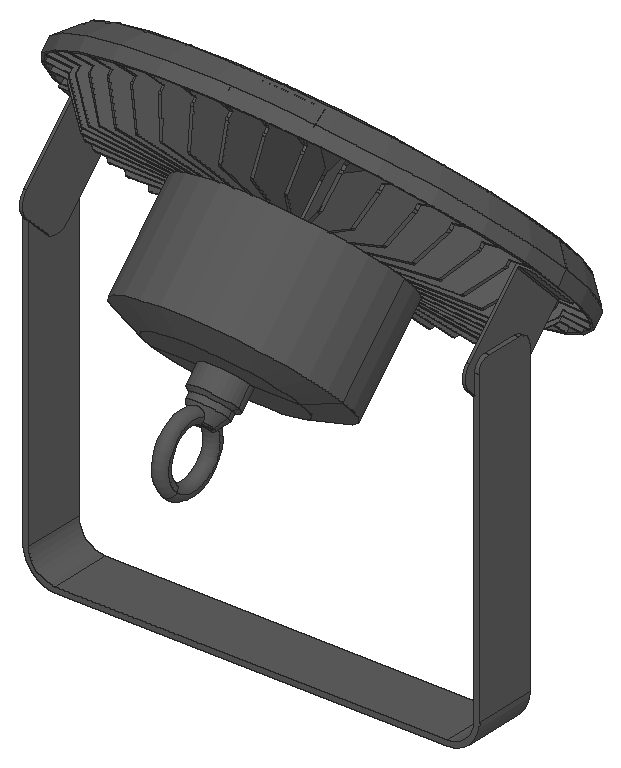
Revit family "0039362+0039353 Sylvania Lighting Fixture START HighBay IP65 DALI 13000lm 840 MB with BRACKET", category Lighting Fixtures, host Face, Revit 2017
Family settings
  Host = Face
  Round Connector Dimension = Use Diameter
  Part Type = Normal
  OmniClass Number = 23.80.70.00
  OmniClass Title = Lighting
  Cut with Voids When Loaded = No
  Light Source = No
  Shared = No
  Room Calculation Point = No
Parameters (values of type "0039362+0039353  START HighBay IP65 DALI 13000lm 840 MB with BRACKET")
  Weight = "3.0 kg"
  Wattage Comments = ""
  WarrantyStartDate [instance] = "n/a"
  WarrantyGuarantorParts = "n/a"
  WarrantyDurationUnit = "n/a"
  WarrantyDurationParts = "n/a"
  WarrantyDescription = "n/a"
  Voltage = 0 V
  URL = "http://www.sylvania-lighting.com"
  TypeName = "START HighBay IP65 DALI 13000lm 840 MB with BRACKET"
  TypeHead_FEILO = Start LED Highbay DALI Head : 0039362+0039353 START HighBay IP65 DALI 13000lm 840 MB with BRACKET
  Type Image = <None>
  Type Comments = "n/a"
  TiltAngle_FEILO [instance] = 45.00°
  ThicknessBracketPlate_FEILO = 3 mm
  SizeBracketS_FEILO = yes
  SizeBracketM_FEILO = no
  SerialNumber [instance] = "n/a"
  RadiusBracketTop_FEILO = 7 mm
  RadiusBendOut_FEILO = if(SizeBracketS_FEILO, 18 mm, if(SizeBracketM_FEILO, 24 mm, 28 mm))  # 18 mm
  RadiusBendIn_FEILO = RadiusBendOut_FEILO - ThicknessBracketPlate_FEILO  # 15 mm
  Material_3_FEILO = none
  PowerFactor = 0.95
  PowerConsumption = "90 W"
  NominalLength = 270 mm
  NominalHeight = 175 mm
  NominalDepth = 270 mm
  Name = "START HighBay IP65 DALI 13000lm 840 MB with BRACKET"
  ModelReference = Name  # "START HighBay IP65 DALI 13000lm 840 MB with BRACKET"
  ModelNumber = "0039362+0039353"
  Model = Name  # "START HighBay IP65 DALI 13000lm 840 MB with BRACKET"
  Material = "aluminium alloy housing, polycarbonate diffuser"
  ManufacturerName = "Feilo Sylvania"
  Manufacturer = "Feilo Sylvania"
  LuminousEfficacy = "130 lm/W"
  LuminaireType = ""
  LightOutputRatio = "n/a"
  LampsType = Lamp  # "LED"
  LampNominalLuminous = "11700 lm"
  LampMacAdamStep = "6"
  LampColourTemperature = "4000 K"
  LampColourRenderingIndex = "80"
  Lamp = "LED"
  Keynote = "16500"
  InstallationDate [instance] = "n/a"
  InputVoltage = "n/a"
  InputNominalFrequency = "50/60 Hz"
  IngressProtection = "IP65"
  ImpactProtectionIndex = "IK08"
  IfcExportType = "IfcLightFixtureType"
  IfcExportAs = "IfcLightFixtureType"
  ExpectedLife = 50000
  EndAngle_FEILO [instance] = TiltAngle_FEILO + 180.00°  # 225.00°
  ElectricShockClassification = "Class I"
  DurationUnit = "hours"
  DocumentationLiterature = "http://www.sylvania-lighting.com/product/en-int/products/0039362"
  DimmingControlOptions = "Dimmable"
  Material_2_FEILO = none
  Description = "START Highbay, includes 1 m cables, black aluminium housing, 11,700 Lm, 90 W, 130 Lm/W, 4000 K, drive current: 2000 mA, CRI 80, 60° beam angle, DALI dimmable, IP65, IK08, 50,000 hrs (L80/B50), (D x H) 270 x 175 mm."
  Default Elevation = 1219.2 mm
  CreatedOn = "5/15/2018"
  CreatedBy = ""
  Cost = 0
  built-in parameter 1114216 [instance] = (empty or 0)
  ClassificationValue = "EF_70_80"
  ClassificationName = "Uniclass2015"
  Material_1_FEILO = Body-Sylvania-StartHighbay-Black
  BracketHeight_FEILO = if(SizeBracketS_FEILO, 199.5 mm, if(SizeBracketM_FEILO, 209.6 mm, 201.3 mm))  # 199.5 mm
  BracketDistanceInner_FEILO = if(SizeBracketS_FEILO, 249.4 mm, if(SizeBracketM_FEILO, 273.6 mm, 313.2 mm))  # 249.4 mm
  BarCode [instance] = "n/a"
  AssetType = "Fixed"
  AssetIdentifier [instance] = "n/a"
  Assembly Code = "D5020200"
  Apparent Load = 90 VA
  Material_4_FEILO = none
Reference planes
  plane 1 "Center (Front/Back)": y = 0
  plane 2: z = 0
  plane 3 "Center (Left/Right)": x = 0
  plane 4: x = -127.7
  plane 5: x = 127.7
  plane 6: z = 199.5
  plane 7: x = -124.7
  plane 8: z = 3
  plane 9: x = 124.7
  plane 10: y = 17.5
  plane 11: y = -17.5
  plane 12: y = -19.5
  plane 13: z = 201.5
  plane 14: y = 19.5
  plane 15: z = 190.5
Forms (mm)
  Extrusion 1, solid, material "Body-Sylvania-StartHighbay-Black" <- "Material_1_FEILO"
    sketch origin (0, 0, 0) x (1, 0, 0) y (0, 0, 1)
      loop
        line (-127.7, 199.5) -> (-127.7, 18)
        arc (-127.7, 18) -> (-122.428, 5.272) -> (-109.7, 0) r 18
        line (-109.7, 0) -> (109.7, 0)
        arc (109.7, 0) -> (122.428, 5.272) -> (127.7, 18) r 18
        line (127.7, 18) -> (127.7, 199.5) -> (124.7, 199.5) -> (124.7, 18)
        arc (124.7, 18) -> (120.307, 7.393) -> (109.7, 3) r 15
        line (109.7, 3) -> (-109.7, 3)
        arc (-109.7, 3) -> (-120.307, 7.393) -> (-124.7, 18) r 15
        line (-124.7, 18) -> (-124.7, 199.5) -> (-127.7, 199.5)
    from -17.5 to 17.5
  Extrusion 2, void
    sketch origin (0, 0, 0) x (0, 1, 0) y (0, 0, 1)
      loop
        arc (10.5, 199.5) -> (15.45, 197.45) -> (17.5, 192.5) r 7
        line (17.5, 192.5) -> (19.5, 192.5) -> (19.5, 201.5) -> (-19.5, 201.5) -> (-19.5, 192.5) -> (-17.5, 192.5)
        arc (-17.5, 192.5) -> (-15.45, 197.45) -> (-10.5, 199.5) r 7
        line (-10.5, 199.5) -> (10.5, 199.5)
    from -127.7 to 127.7
  Revolve 3, solid, not visible
    sketch origin (1223.4, -4572, 190.5) x (0, -1, 0) y (1, 0, 0)
      loop
        line (-4572, -1223.4) -> (-4591.5, -1223.4) -> (-4591.5, -1277.783) -> (-4572, -1277.783) -> (-4572, -1223.4)
      axis (-4572, -1223.4) -> (-4572, -1277.783)
    angle from 45 <- "TiltAngle_FEILO" to 225 <- "EndAngle_FEILO"
Cuts and joins
  Extrusion 2 cuts Extrusion 1
Dimensions and locks
  "BracketHeight_FEILO": plane 6 to plane 2
  equal spacing: plane 11, plane 1 "Center (Front/Back)", plane 10
  locked: plane 11 to plane 10 at 35
  equal spacing: plane 9, plane 3 "Center (Left/Right)", plane 7
  "BracketDistanceInner_FEILO": plane 9 to plane 7
  "ThicknessBracketPlate_FEILO": plane 7 to plane 4
  "ThicknessBracketPlate_FEILO": plane 8 to plane 2
  equal spacing: plane 5, plane 3 "Center (Left/Right)", plane 4
  equal spacing: plane 12, plane 1 "Center (Front/Back)", plane 14
  locked: plane 6 to plane 13 at 2
  locked: plane 12 to plane 11 at 2
  locked: plane 6 to plane 15 at 9
  "RadiusBendOut_FEILO": radius of Extrusion 1 sketch curve  (x2)
  "RadiusBendIn_FEILO": radius of Extrusion 1 sketch curve  (x2)
  "RadiusBracketTop_FEILO": radius of Extrusion 2 sketch curve  (x2)
  aligned and locked: plane 2 to host face
  aligned and locked: level to host face
  aligned and locked: Extrusion 1 sketch curve to plane 4
  aligned and locked: Extrusion 1 sketch curve to level
  aligned and locked: plane 6 to Extrusion 1 sketch curve
  aligned and locked: Extrusion 1 sketch curve to plane 6
  aligned and locked: Extrusion 1 sketch curve to plane 7
  aligned and locked: plane 9 to Extrusion 1 sketch curve
  aligned and locked: plane 8 to Extrusion 1 sketch curve
  aligned and locked: Extrusion 1 to plane 10
  aligned and locked: plane 11 to Extrusion 1
  aligned and locked: Extrusion 1 to Extrusion 2 sketch curve
  aligned and locked: plane 14 to Extrusion 2 sketch curve  (x2)
  aligned and locked: Extrusion 2 sketch curve to plane 12
  aligned and locked: plane 13 to Extrusion 2 sketch curve
  aligned and locked: plane 5 to Extrusion 2
  aligned and locked: Extrusion 2 to plane 4
  aligned and locked: Revolve 3 sketch curve to plane 1 "Center (Front/Back)"
  aligned and locked: Revolve 3 sketch curve to Revolve 3 sketch curve
  aligned and locked: plane 3 "Center (Left/Right)" to Revolve 3 sketch curve
  aligned and locked: Revolve 3 sketch curve to plane 14
  aligned and locked: nested 1 to plane 3 "Center (Left/Right)"
Automatic sketch dimensions
  host sketch curve to host sketch curve = 2438.4 mm  (x2)
  Revolve 3 sketch curve to Revolve 3 sketch curve = 54.383 mm
  Revolve 3 sketch curve to plane 4 = 1396.3 mm
  plane 5 to Revolve 3 sketch curve = 1396.3 mm
  Extrusion 1 sketch curve to Extrusion 1 sketch curve = 0 mm
  Extrusion 2 sketch curve to plane 11 = 0 mm
  Extrusion 2 sketch curve to plane 10 = 0 mm
Nested families
  nested 1: "Start LED Highbay DALI Head" at (0, 0, 190.5) x (-1, 0, 0) z (0, 0.7071, 0.7071), type <- "TypeHead_FEILO", type "0039362+0039353 START HighBay IP65 DALI 13000lm 840 MB with BRACKET"
    with built-in parameter 1114216 (empty or 0)
Connectors
  electrical at (0, 0, 0), driven by "Apparent Load", driven by "PowerFactor", driven by "Voltage"
    settings: index 1, voltage 0 V, apparent load 90 VA, apparent load phase1 0 VA, apparent load phase2 0 VA, apparent load phase3 0 VA, power factor 0.95, load classification "Lighting", number of poles 1, system type 30, power factor state 1, is connector primary yes, connector utility no, sub classification motor no, connector description ""
Definition of nested family "Start LED Highbay DALI Head"
  Parameters (values of type "0039367+0039355+0039361 START HighBay IP65 DALI 26000lm 840 WB with BRACKET and PC LAMPSHADE TRANSPARENT FOR 26KLM")
    X_FEILO = if(SizeS_FEILO, 60.3 mm, if(SizeM_FEILO, 70.4 mm, 83.5 mm))  # 83.5 mm
    WidthStraight_FEILO = if(SizeS_FEILO, 3 mm, if(SizeM_FEILO, 4 mm, 4.7 mm))  # 4.7 mm
    WidthRingChamfer_FEILO = if(SizeS_FEILO, 10.3 mm, if(SizeM_FEILO, 11.2 mm, 12.9 mm))  # 12.9 mm
    WidthCurved_FEILO = if(SizeS_FEILO, 17.4 mm, if(SizeM_FEILO, 16.4 mm, 26.2 mm))  # 26.2 mm
    WidthCurvedRing_FEILO = if(SizeS_FEILO, 3 mm, if(SizeM_FEILO, 4 mm, 4.7 mm))  # 4.7 mm
    WidthBracket_FEILO = 40 mm
    Wattage Comments = ""
    Wattage = 190 W
    built-in parameter 1150110 = 1 (stored number, unit not read)
    URL = "http://www.sylvania-lighting.com"
    Type Image = (empty or 0)
    Type Comments = "n/a"
    built-in parameter 1114217 = 1 (stored number, unit not read)
    Tilt Angle = -90.00°
    ThicknessWall_FEILO = 1.5 mm
    ThicknessBracket_FEILO = 1.5 mm
    ThicknessBracketHalf_FEILO = ThicknessBracket_FEILO / 2  # 0.75 mm
    built-in parameter 1150109 = 1 (stored number, unit not read)
    built-in parameter 1150134 = 1
    built-in parameter 1150113 = 1 (stored number, unit not read)
    SizeS_FEILO = no
    SizeM_FEILO = no
    ShadeThickness_FEILO = 3 mm
    ShadeSizeSM_FEILO = or(SizeS_FEILO, SizeM_FEILO)  # no
    ShadeRadiusOut_FEILO = 205 mm
    ShadeRadiusIn_FEILO = if(ShadeSizeSM_FEILO, 95 mm, 121 mm)  # 121 mm
    ShadeRadiusBend_FEILO = if(ShadeSizeSM_FEILO, 210 mm, 210 mm)  # 210 mm
    ShadeOn_FEILO = yes
    ShadeHeight_FEILO = if(ShadeSizeSM_FEILO, 120 mm, 151 mm)  # 151 mm
    Rib4_FEILO = if(SizeS_FEILO, 18.1 mm, if(SizeM_FEILO, 13.6 mm, 14.6 mm))  # 14.6 mm
    Rib3_FEILO = if(SizeS_FEILO, 15.3 mm, if(SizeM_FEILO, 17.6 mm, 20.2 mm))  # 20.2 mm
    Rib2_FEILO = if(SizeS_FEILO, 3.6 mm, if(SizeM_FEILO, 3.9 mm, 4.5 mm))  # 4.5 mm
    Rib1_FEILO = if(SizeS_FEILO, 15.1 mm, if(SizeM_FEILO, 16.5 mm, 19 mm))  # 19 mm
    RadiusDiffuser_FEILO = if(SizeS_FEILO, 95.2 mm, if(SizeM_FEILO, 105.3 mm, 120 mm))  # 120 mm
    RadiusArrayPost_FEILO = DriverRadius_FEILO - 6 mm  # 70.4 mm
    RHRadius3_FEILO = if(SizeS_FEILO, 6.6 mm, if(SizeM_FEILO, 7.4 mm, 8.6 mm))  # 8.6 mm
    RHRadius2_FEILO = if(SizeS_FEILO, 11 mm, if(SizeM_FEILO, 12 mm, 14 mm))  # 14 mm
    RHRadius1_FEILO = if(SizeS_FEILO, 13.6 mm, if(SizeM_FEILO, 14.9 mm, 17.7 mm))  # 17.7 mm
    RHHeight4_FEILO = if(SizeS_FEILO, 7.3 mm, if(SizeM_FEILO, 8 mm, 9.2 mm))  # 9.2 mm
    RHHeight3_FEILO = if(SizeS_FEILO, 3.6 mm, if(SizeM_FEILO, 3.7 mm, 4.6 mm))  # 4.6 mm
    RHHeight2_FEILO = if(SizeS_FEILO, 2 mm, if(SizeM_FEILO, 2.2 mm, 2.6 mm))  # 2.6 mm
    RHHeight1_FEILO = if(SizeS_FEILO, 11.8 mm, if(SizeM_FEILO, 15.3 mm, 17.4 mm))  # 17.4 mm
    Photometric Web File = "0039367+0039361.ies"
    Material_5_FEILO = none
    Material_3_FEILO = none
    Model = "START HighBay IP65 DALI 26000lm 840 WB with BRACKET and PC LAMPSHADE TRANSPARENT FOR 26KLM"
    Manufacturer = "Feilo Sylvania"
    built-in parameter 1150105 = 33385.3 (stored number, unit not read)
    Lumens = 24700 lm
    built-in parameter 1150115 = 1 (stored number, unit not read)
    built-in parameter 1150137 = (empty or 0)
    built-in parameter 1150139 = (empty or 0)
    built-in parameter 1150112 = 1 (stored number, unit not read)
    built-in parameter 1150114 = 1 (stored number, unit not read)
    Lamp = "LED"
    Keynote = "16500"
    built-in parameter 1150132 = (empty or 0)
    built-in parameter 1150102 = (empty or 0)
    built-in parameter 1150107 = 6500 (stored number, unit not read)
    built-in parameter 1150138 = (empty or 0)
    built-in parameter 1150106 = 333.85 (stored number, unit not read)
    HeightRing_FEILO = if(SizeS_FEILO, 19.8 mm, if(SizeM_FEILO, 32 mm, 36.8 mm))  # 36.8 mm
    HeightRingChamfer_FEILO = if(SizeS_FEILO, 11.7 mm, if(SizeM_FEILO, 23.2 mm, 26.6 mm))  # 26.6 mm
    EyeThickness_FEILO = if(SizeS_FEILO, 8.4 mm, if(SizeM_FEILO, 9.2 mm, 10.5 mm))  # 10.5 mm
    EyeThicknessHalf_FEILO = EyeThickness_FEILO / 2  # 5.25 mm
    EyeInner_FEILO = if(SizeS_FEILO, 13.8 mm, if(SizeM_FEILO, 15.1 mm, 17.3 mm))  # 17.3 mm
    Emit from Circle Diameter = RadiusDiffuser_FEILO * 2  # 240 mm
    Emit Shape Visible in Rendering = no
    built-in parameter 1150104 = 12.077 (stored number, unit not read)
    DriverVerticalStraight_FEILO = if(SizeS_FEILO, 46.5 mm, if(SizeM_FEILO, 49.7 mm, 57 mm))  # 57 mm
    DriverVerticalChamfer_FEILO = if(SizeS_FEILO, 7.5 mm, if(SizeM_FEILO, 8.2 mm, 9.5 mm))  # 9.5 mm
    DriverRadius_FEILO = if(SizeS_FEILO, 61.4 mm, if(SizeM_FEILO, 67.2 mm, 76.4 mm))  # 76.4 mm
    DriverRadiusTop_FEILO = if(SizeS_FEILO, 42 mm, if(SizeM_FEILO, 45.3 mm, 52.4 mm))  # 52.4 mm
    DriverBottom_FEILO = if(SizeS_FEILO, 56 mm, if(SizeM_FEILO, 64.5 mm, 74 mm))  # 74 mm
    Material_2_FEILO = none
    Radius_FEILO = if(SizeS_FEILO, 135 mm, if(SizeM_FEILO, 148 mm, 169.5 mm))  # 169.5 mm
    Dimming Lamp Color Temperature Shift = (empty or 0)
    DiameterWire_FEILO = 3 mm
    DiameterWireSupport_FEILO = 10 mm
    Description = "START Highbay, includes 1 m cables, black aluminium housing, 24,700 Lm, 190 W, 130 Lm/W, 6500 K, drive current: 4100 mA, CRI 80, 90° beam angle, DALI dimmable, IP65, IK08, 50,000 hrs (L80/B50), (D x H) 339 x 189 mm."
    Default Elevation = 1219.2 mm
    Cost = 0
    Color Filter = 16777215
    built-in parameter 1114216 [instance] = (empty or 0)
    Material_1_FEILO = none
    built-in parameter 1114218 = 1 (stored number, unit not read)
    built-in parameter 1150133 = 10 (stored number, unit not read)
    Assembly Code = "D5020200"
    Apparent Load = 190 VA
    Material_4_FEILO = none
  Types (24, lengths in mm): name | X_FEILO | WidthStraight_FEILO | WidthRingChamfer_FEILO | WidthCurved_FEILO | WidthCurvedRing_FEILO | Wattage | built-in parameter 1150134 | SizeS_FEILO | SizeM_FEILO | ShadeSizeSM_FEILO | ShadeRadiusIn_FEILO | ShadeOn_FEILO | ShadeHeight_FEILO | Rib4_FEILO | Rib3_FEILO | Rib2_FEILO | Rib1_FEILO | RadiusDiffuser_FEILO | RadiusArrayPost_FEILO | RHRadius3_FEILO | RHRadius2_FEILO | RHRadius1_FEILO | RHHeight4_FEILO | RHHeight3_FEILO | RHHeight2_FEILO | RHHeight1_FEILO | Photometric Web File | Model | built-in parameter 1150105 | Lumens | built-in parameter 1150107 | built-in parameter 1150106 | HeightRing_FEILO | HeightRingChamfer_FEILO | EyeThickness_FEILO | EyeThicknessHalf_FEILO | EyeInner_FEILO | Emit from Circle Diameter | DriverVerticalStraight_FEILO | DriverVerticalChamfer_FEILO | DriverRadius_FEILO | DriverRadiusTop_FEILO | DriverBottom_FEILO | Radius_FEILO | Description | Apparent Load
    0039367+0039355+0039361 START HighBay IP65 DALI 26000lm 840 WB with BRACKET and PC LAMPSHADE TRANSPARENT FOR 26KLM | 83.5 | 4.7 | 12.9 | 26.2 | 4.7 | 190 W | 1 | no | no | no | 121 | yes | 151 | 14.6 | 20.2 | 4.5 | 19 | 120 | 70.4 | 8.6 | 14 | 17.7 | 9.2 | 4.6 | 2.6 | 17.4 | "0039367+0039361.ies" | "START HighBay IP65 DALI 26000lm 840 WB with BRACKET and PC LAMPSHADE TRANSPARENT FOR 26KLM" | 33385.3 (stored number, unit not read) | 24700 lm | 6500 (stored number, unit not read) | 333.85 (stored number, unit not read) | 36.8 | 26.6 | 10.5 | 5.25 | 17.3 | 240 | 57 | 9.5 | 76.4 | 52.4 | 74 | 169.5 | "START Highbay, includes 1 m cables, black aluminium housing, 24,700 Lm, 190 W, 130 Lm/W, 6500 K, drive current: 4100 mA, CRI 80, 90° beam angle, DALI dimmable, IP65, IK08, 50,000 hrs (L80/B50), (D x H) 339 x 189 mm." | 190 VA
    0039367+0039355+0039360 START HighBay IP65 DALI 26000lm 840 WB with BRACKET and ALU SHADE BLACK COLOR FOR 26KLM | 83.5 | 4.7 | 12.9 | 26.2 | 4.7 | 190 W | 1 | no | no | no | 121 | yes | 151 | 14.6 | 20.2 | 4.5 | 19 | 120 | 70.4 | 8.6 | 14 | 17.7 | 9.2 | 4.6 | 2.6 | 17.4 | "0039367+0039360.ies" | "START HighBay IP65 DALI 26000lm 840 WB with BRACKET and ALU SHADE BLACK COLOR FOR 26KLM" | 33569.2 (stored number, unit not read) | 24700 lm | 6500 (stored number, unit not read) | 335.69 (stored number, unit not read) | 36.8 | 26.6 | 10.5 | 5.25 | 17.3 | 240 | 57 | 9.5 | 76.4 | 52.4 | 74 | 169.5 | "START Highbay, includes 1 m cables, black aluminium housing, 24,700 Lm, 190 W, 130 Lm/W, 6500 K, drive current: 4100 mA, CRI 80, 90° beam angle, DALI dimmable, IP65, IK08, 50,000 hrs (L80/B50), (D x H) 339 x 189 mm." | 190 VA
    0039367+0039355+0039359 START HighBay IP65 DALI 26000lm 840 WB with BRACKET and ALU SHADE ALU COLOR FOR 26KLM | 83.5 | 4.7 | 12.9 | 26.2 | 4.7 | 190 W | 1 | no | no | no | 121 | yes | 151 | 14.6 | 20.2 | 4.5 | 19 | 120 | 70.4 | 8.6 | 14 | 17.7 | 9.2 | 4.6 | 2.6 | 17.4 | "0039367+0039359.ies" | "START HighBay IP65 DALI 26000lm 840 WB with BRACKET and ALU SHADE ALU COLOR FOR 26KLM" | 33569.2 (stored number, unit not read) | 24700 lm | 6500 (stored number, unit not read) | 335.69 (stored number, unit not read) | 36.8 | 26.6 | 10.5 | 5.25 | 17.3 | 240 | 57 | 9.5 | 76.4 | 52.4 | 74 | 169.5 | "START Highbay, includes 1 m cables, black aluminium housing, 24,700 Lm, 190 W, 130 Lm/W, 6500 K, drive current: 4100 mA, CRI 80, 90° beam angle, DALI dimmable, IP65, IK08, 50,000 hrs (L80/B50), (D x H) 339 x 189 mm." | 190 VA
    0039367+0039355 START HighBay IP65 DALI 26000lm 840 WB with BRACKET | 83.5 | 4.7 | 12.9 | 26.2 | 4.7 | 190 W | 1 | no | no | no | 121 | no | 151 | 14.6 | 20.2 | 4.5 | 19 | 120 | 70.4 | 8.6 | 14 | 17.7 | 9.2 | 4.6 | 2.6 | 17.4 | "0039367.ies" | "START HighBay IP65 DALI 26000lm 840 WB with BRACKET" | 13532 (stored number, unit not read) | 24700 lm | 6500 (stored number, unit not read) | 135.32 (stored number, unit not read) | 36.8 | 26.6 | 10.5 | 5.25 | 17.3 | 240 | 57 | 9.5 | 76.4 | 52.4 | 74 | 169.5 | "START Highbay, includes 1 m cables, black aluminium housing, 24,700 Lm, 190 W, 130 Lm/W, 6500 K, drive current: 4100 mA, CRI 80, 90° beam angle, DALI dimmable, IP65, IK08, 50,000 hrs (L80/B50), (D x H) 339 x 189 mm." | 190 VA
    0039366+0039354+0039358 START HighBay IP65 DALI 19000lm 840 WB with BRACKET and PC LAMPSHADE TRANSPARENT 13/19KLM | 70.4 | 4 | 11.2 | 16.4 | 4 | 150 W | 1 | no | yes | yes | 95 | yes | 120 | 13.6 | 17.6 | 3.9 | 16.5 | 105.3 | 61.2 | 7.4 | 12 | 14.9 | 8 | 3.7 | 2.2 | 15.3 | "0039366+0039358.ies" | "START HighBay IP65 DALI 19000lm 840 WB with BRACKET and PC LAMPSHADE TRANSPARENT 13/19KLM" | 26356.9 (stored number, unit not read) | 19500 lm | 6500 (stored number, unit not read) | 263.57 (stored number, unit not read) | 32 | 23.2 | 9.2 | 4.6 | 15.1 | 210.6 | 49.7 | 8.2 | 67.2 | 45.3 | 64.5 | 148 | "START Highbay, includes 1 m cables, black aluminium housing, 19,500 Lm, 150 W, 130 Lm/W, 6500 K, drive current: 3300 mA, CRI 80, 90° beam angle, DALI dimmable, IP65, IK08, 50,000 hrs (L80/B50), (D x H) 296 x 172 mm." | 150 VA
    0039366+0039354+0039357 START HighBay IP65 DALI 19000lm 840 WB with BRACKET and ALU SHADE BLACK COLOR FOR 13/19KLM | 70.4 | 4 | 11.2 | 16.4 | 4 | 150 W | 1 | no | yes | yes | 95 | yes | 120 | 13.6 | 17.6 | 3.9 | 16.5 | 105.3 | 61.2 | 7.4 | 12 | 14.9 | 8 | 3.7 | 2.2 | 15.3 | "0039366+0039357.ies" | "START HighBay IP65 DALI 19000lm 840 WB with BRACKET and ALU SHADE BLACK COLOR FOR 13/19KLM" | 26502 (stored number, unit not read) | 19500 lm | 6500 (stored number, unit not read) | 265.02 (stored number, unit not read) | 32 | 23.2 | 9.2 | 4.6 | 15.1 | 210.6 | 49.7 | 8.2 | 67.2 | 45.3 | 64.5 | 148 | "START Highbay, includes 1 m cables, black aluminium housing, 19,500 Lm, 150 W, 130 Lm/W, 6500 K, drive current: 3300 mA, CRI 80, 90° beam angle, DALI dimmable, IP65, IK08, 50,000 hrs (L80/B50), (D x H) 296 x 172 mm." | 150 VA
    0039366+0039354+0039356 START HighBay IP65 DALI 19000lm 840 WB with BRACKET and ALU SHADE ALU COLOR FOR 13/19KLM | 70.4 | 4 | 11.2 | 16.4 | 4 | 150 W | 1 | no | yes | yes | 95 | yes | 120 | 13.6 | 17.6 | 3.9 | 16.5 | 105.3 | 61.2 | 7.4 | 12 | 14.9 | 8 | 3.7 | 2.2 | 15.3 | "0039366+0039356.ies" | "START HighBay IP65 DALI 19000lm 840 WB with BRACKET and ALU SHADE ALU COLOR FOR 13/19KLM" | 26502 (stored number, unit not read) | 19500 lm | 6500 (stored number, unit not read) | 265.02 (stored number, unit not read) | 32 | 23.2 | 9.2 | 4.6 | 15.1 | 210.6 | 49.7 | 8.2 | 67.2 | 45.3 | 64.5 | 148 | "START Highbay, includes 1 m cables, black aluminium housing, 19,500 Lm, 150 W, 130 Lm/W, 6500 K, drive current: 3300 mA, CRI 80, 90° beam angle, DALI dimmable, IP65, IK08, 50,000 hrs (L80/B50), (D x H) 296 x 172 mm." | 150 VA
    0039366+0039354 START HighBay IP65 DALI 19000lm 840 WB with BRACKET | 70.4 | 4 | 11.2 | 16.4 | 4 | 150 W | 1 | no | yes | yes | 95 | no | 120 | 13.6 | 17.6 | 3.9 | 16.5 | 105.3 | 61.2 | 7.4 | 12 | 14.9 | 8 | 3.7 | 2.2 | 15.3 | "0039366.ies" | "START HighBay IP65 DALI 19000lm 840 WB with BRACKET" | 10981.5 (stored number, unit not read) | 19500 lm | 6500 (stored number, unit not read) | 109.82 (stored number, unit not read) | 32 | 23.2 | 9.2 | 4.6 | 15.1 | 210.6 | 49.7 | 8.2 | 67.2 | 45.3 | 64.5 | 148 | "START Highbay, includes 1 m cables, black aluminium housing, 19,500 Lm, 150 W, 130 Lm/W, 6500 K, drive current: 3300 mA, CRI 80, 90° beam angle, DALI dimmable, IP65, IK08, 50,000 hrs (L80/B50), (D x H) 296 x 172 mm." | 150 VA
    0039365+0039353+0039358 START HighBay IP65 DALI 13000lm 840 WB with BRACKET and PC LAMPSHADE TRANSPARENT 13/19KLM | 60.3 | 3 | 10.3 | 17.4 | 3 | 90 W | 1 | yes | no | yes | 95 | yes | 120 | 18.1 | 15.3 | 3.6 | 15.1 | 95.2 | 55.4 | 6.6 | 11 | 13.6 | 7.3 | 3.6 | 2 | 11.8 | "0039365+0039358.ies" | "START HighBay IP65 DALI 13000lm 840 WB with BRACKET and PC LAMPSHADE TRANSPARENT 13/19KLM" | 15814.1 (stored number, unit not read) | 11700 lm | 6500 (stored number, unit not read) | 158.14 (stored number, unit not read) | 19.8 | 11.7 | 8.4 | 4.2 | 13.8 | 190.4 | 46.5 | 7.5 | 61.4 | 42 | 56 | 135 | "START Highbay, includes 1 m cables, black aluminium housing, 11,700 Lm, 90 W, 130 Lm/W, 6500 K, drive current: 2000 mA, CRI 80, 90° beam angle, DALI dimmable, IP65, IK08, 50,000 hrs (L80/B50), (D x H) 270 x 175 mm." | 90 VA
    0039365+0039353+0039357 START HighBay IP65 DALI 13000lm 840 WB with BRACKET and ALU SHADE BLACK COLOR FOR 13/19KLM | 60.3 | 3 | 10.3 | 17.4 | 3 | 90 W | 1 | yes | no | yes | 95 | yes | 120 | 18.1 | 15.3 | 3.6 | 15.1 | 95.2 | 55.4 | 6.6 | 11 | 13.6 | 7.3 | 3.6 | 2 | 11.8 | "0039365+0039357.ies" | "START HighBay IP65 DALI 13000lm 840 WB with BRACKET and ALU SHADE BLACK COLOR FOR 13/19KLM" | 15901.2 (stored number, unit not read) | 11700 lm | 6500 (stored number, unit not read) | 159.01 (stored number, unit not read) | 19.8 | 11.7 | 8.4 | 4.2 | 13.8 | 190.4 | 46.5 | 7.5 | 61.4 | 42 | 56 | 135 | "START Highbay, includes 1 m cables, black aluminium housing, 11,700 Lm, 90 W, 130 Lm/W, 6500 K, drive current: 2000 mA, CRI 80, 90° beam angle, DALI dimmable, IP65, IK08, 50,000 hrs (L80/B50), (D x H) 270 x 175 mm." | 90 VA
    0039365+0039353+0039356 START HighBay IP65 DALI 13000lm 840 WB with BRACKET and ALU SHADE ALU COLOR FOR 13/19KLM | 60.3 | 3 | 10.3 | 17.4 | 3 | 90 W | 1 | yes | no | yes | 95 | yes | 120 | 18.1 | 15.3 | 3.6 | 15.1 | 95.2 | 55.4 | 6.6 | 11 | 13.6 | 7.3 | 3.6 | 2 | 11.8 | "0039365+0039356.ies" | "START HighBay IP65 DALI 13000lm 840 WB with BRACKET and ALU SHADE ALU COLOR FOR 13/19KLM" | 15901.2 (stored number, unit not read) | 11700 lm | 6500 (stored number, unit not read) | 159.01 (stored number, unit not read) | 19.8 | 11.7 | 8.4 | 4.2 | 13.8 | 190.4 | 46.5 | 7.5 | 61.4 | 42 | 56 | 135 | "START Highbay, includes 1 m cables, black aluminium housing, 11,700 Lm, 90 W, 130 Lm/W, 6500 K, drive current: 2000 mA, CRI 80, 90° beam angle, DALI dimmable, IP65, IK08, 50,000 hrs (L80/B50), (D x H) 270 x 175 mm." | 90 VA
    0039365+0039353 START HighBay IP65 DALI 13000lm 840 WB with BRACKET | 60.3 | 3 | 10.3 | 17.4 | 3 | 90 W | 1 | yes | no | yes | 95 | no | 120 | 18.1 | 15.3 | 3.6 | 15.1 | 95.2 | 55.4 | 6.6 | 11 | 13.6 | 7.3 | 3.6 | 2 | 11.8 | "0039365.ies" | "START HighBay IP65 DALI 13000lm 840 WB with BRACKET" | 6365.5 (stored number, unit not read) | 11700 lm | 6500 (stored number, unit not read) | 63.655 (stored number, unit not read) | 19.8 | 11.7 | 8.4 | 4.2 | 13.8 | 190.4 | 46.5 | 7.5 | 61.4 | 42 | 56 | 135 | "START Highbay, includes 1 m cables, black aluminium housing, 11,700 Lm, 90 W, 130 Lm/W, 6500 K, drive current: 2000 mA, CRI 80, 90° beam angle, DALI dimmable, IP65, IK08, 50,000 hrs (L80/B50), (D x H) 270 x 175 mm." | 90 VA
    0039364+0039355+0039361 START HighBay IP65 DALI 26000lm 840 MB with BRACKET and PC LAMPSHADE TRANSPARENT FOR 26KLM | 83.5 | 4.7 | 12.9 | 26.2 | 4.7 | 190 W | 12 | no | no | no | 121 | yes | 151 | 14.6 | 20.2 | 4.5 | 19 | 120 | 70.4 | 8.6 | 14 | 17.7 | 9.2 | 4.6 | 2.6 | 17.4 | "0039364+0039361.ies" | "START HighBay IP65 DALI 26000lm 840 MB with BRACKET and PC LAMPSHADE TRANSPARENT FOR 26KLM" | 33385.3 (stored number, unit not read) | 24700 lm | 4000 (stored number, unit not read) | 333.85 (stored number, unit not read) | 36.8 | 26.6 | 10.5 | 5.25 | 17.3 | 240 | 57 | 9.5 | 76.4 | 52.4 | 74 | 169.5 | "START Highbay, includes 1 m cables, black aluminium housing, 24,700 Lm, 190 W, 130 Lm/W, 4000 K, drive current: 4100 mA, CRI 80, 60° beam angle, DALI dimmable, IP65, IK08, 50,000 hrs (L80/B50), (D x H) 339 x 189 mm." | 190 VA
    0039364+0039355+0039360 START HighBay IP65 DALI 26000lm 840 MB with BRACKET and ALU SHADE BLACK COLOR FOR 26KLM | 83.5 | 4.7 | 12.9 | 26.2 | 4.7 | 190 W | 12 | no | no | no | 121 | yes | 151 | 14.6 | 20.2 | 4.5 | 19 | 120 | 70.4 | 8.6 | 14 | 17.7 | 9.2 | 4.6 | 2.6 | 17.4 | "0039364+0039360.ies" | "START HighBay IP65 DALI 26000lm 840 MB with BRACKET and ALU SHADE BLACK COLOR FOR 26KLM" | 33569.2 (stored number, unit not read) | 24700 lm | 4000 (stored number, unit not read) | 335.69 (stored number, unit not read) | 36.8 | 26.6 | 10.5 | 5.25 | 17.3 | 240 | 57 | 9.5 | 76.4 | 52.4 | 74 | 169.5 | "START Highbay, includes 1 m cables, black aluminium housing, 24,700 Lm, 190 W, 130 Lm/W, 4000 K, drive current: 4100 mA, CRI 80, 60° beam angle, DALI dimmable, IP65, IK08, 50,000 hrs (L80/B50), (D x H) 339 x 189 mm." | 190 VA
    0039364+0039355+0039359 START HighBay IP65 DALI 26000lm 840 MB with BRACKET and ALU SHADE ALU COLOR FOR 26KLM | 83.5 | 4.7 | 12.9 | 26.2 | 4.7 | 190 W | 12 | no | no | no | 121 | yes | 151 | 14.6 | 20.2 | 4.5 | 19 | 120 | 70.4 | 8.6 | 14 | 17.7 | 9.2 | 4.6 | 2.6 | 17.4 | "0039364+0039359.ies" | "START HighBay IP65 DALI 26000lm 840 MB with BRACKET and ALU SHADE ALU COLOR FOR 26KLM" | 33569.2 (stored number, unit not read) | 24700 lm | 4000 (stored number, unit not read) | 335.69 (stored number, unit not read) | 36.8 | 26.6 | 10.5 | 5.25 | 17.3 | 240 | 57 | 9.5 | 76.4 | 52.4 | 74 | 169.5 | "START Highbay, includes 1 m cables, black aluminium housing, 24,700 Lm, 190 W, 130 Lm/W, 4000 K, drive current: 4100 mA, CRI 80, 60° beam angle, DALI dimmable, IP65, IK08, 50,000 hrs (L80/B50), (D x H) 339 x 189 mm." | 190 VA
    0039364+0039355 START HighBay IP65 DALI 26000lm 840 MB with BRACKET | 83.5 | 4.7 | 12.9 | 26.2 | 4.7 | 190 W | 12 | no | no | no | 121 | no | 151 | 14.6 | 20.2 | 4.5 | 19 | 120 | 70.4 | 8.6 | 14 | 17.7 | 9.2 | 4.6 | 2.6 | 17.4 | "0039364.ies" | "START HighBay IP65 DALI 26000lm 840 MB with BRACKET" | 26901.8 (stored number, unit not read) | 24700 lm | 4000 (stored number, unit not read) | 269.02 (stored number, unit not read) | 36.8 | 26.6 | 10.5 | 5.25 | 17.3 | 240 | 57 | 9.5 | 76.4 | 52.4 | 74 | 169.5 | "START Highbay, includes 1 m cables, black aluminium housing, 24,700 Lm, 190 W, 130 Lm/W, 4000 K, drive current: 4100 mA, CRI 80, 60° beam angle, DALI dimmable, IP65, IK08, 50,000 hrs (L80/B50), (D x H) 339 x 189 mm." | 190 VA
    0039363+0039354+0039358 START HighBay IP65 DALI 19000lm 840 MB with BRACKET and PC LAMPSHADE TRANSPARENT 13/19KLM | 70.4 | 4 | 11.2 | 16.4 | 4 | 150 W | 12 | no | yes | yes | 95 | yes | 120 | 13.6 | 17.6 | 3.9 | 16.5 | 105.3 | 61.2 | 7.4 | 12 | 14.9 | 8 | 3.7 | 2.2 | 15.3 | "0039363+0039358.ies" | "START HighBay IP65 DALI 19000lm 840 MB with BRACKET and PC LAMPSHADE TRANSPARENT 13/19KLM" | 26356.9 (stored number, unit not read) | 19500 lm | 4000 (stored number, unit not read) | 263.57 (stored number, unit not read) | 32 | 23.2 | 9.2 | 4.6 | 15.1 | 210.6 | 49.7 | 8.2 | 67.2 | 45.3 | 64.5 | 148 | "START Highbay, includes 1 m cables, black aluminium housing, 19,500 Lm, 150 W, 130 Lm/W, 4000 K, drive current: 3300 mA, CRI 80, 60° beam angle, DALI dimmable, IP65, IK08, 50,000 hrs (L80/B50), (D x H) 296 x 172 mm." | 150 VA
    0039363+0039354+0039357 START HighBay IP65 DALI 19000lm 840 MB with BRACKET and ALU SHADE BLACK COLOR FOR 13/19KLM | 70.4 | 4 | 11.2 | 16.4 | 4 | 150 W | 12 | no | yes | yes | 95 | yes | 120 | 13.6 | 17.6 | 3.9 | 16.5 | 105.3 | 61.2 | 7.4 | 12 | 14.9 | 8 | 3.7 | 2.2 | 15.3 | "0039363+0039357.ies" | "START HighBay IP65 DALI 19000lm 840 MB with BRACKET and ALU SHADE BLACK COLOR FOR 13/19KLM" | 26502 (stored number, unit not read) | 19500 lm | 4000 (stored number, unit not read) | 265.02 (stored number, unit not read) | 32 | 23.2 | 9.2 | 4.6 | 15.1 | 210.6 | 49.7 | 8.2 | 67.2 | 45.3 | 64.5 | 148 | "START Highbay, includes 1 m cables, black aluminium housing, 19,500 Lm, 150 W, 130 Lm/W, 4000 K, drive current: 3300 mA, CRI 80, 60° beam angle, DALI dimmable, IP65, IK08, 50,000 hrs (L80/B50), (D x H) 296 x 172 mm." | 150 VA
    0039363+0039354+0039356 START HighBay IP65 DALI 19000lm 840 MB with BRACKET and ALU SHADE ALU COLOR FOR 13/19KLM | 70.4 | 4 | 11.2 | 16.4 | 4 | 150 W | 12 | no | yes | yes | 95 | yes | 120 | 13.6 | 17.6 | 3.9 | 16.5 | 105.3 | 61.2 | 7.4 | 12 | 14.9 | 8 | 3.7 | 2.2 | 15.3 | "0039363+0039356.ies" | "START HighBay IP65 DALI 19000lm 840 MB with BRACKET and ALU SHADE ALU COLOR FOR 13/19KLM" | 26502 (stored number, unit not read) | 19500 lm | 4000 (stored number, unit not read) | 265.02 (stored number, unit not read) | 32 | 23.2 | 9.2 | 4.6 | 15.1 | 210.6 | 49.7 | 8.2 | 67.2 | 45.3 | 64.5 | 148 | "START Highbay, includes 1 m cables, black aluminium housing, 19,500 Lm, 150 W, 130 Lm/W, 4000 K, drive current: 3300 mA, CRI 80, 60° beam angle, DALI dimmable, IP65, IK08, 50,000 hrs (L80/B50), (D x H) 296 x 172 mm." | 150 VA
    0039363+0039354 START HighBay IP65 DALI 19000lm 840 MB with BRACKET | 70.4 | 4 | 11.2 | 16.4 | 4 | 150 W | 12 | no | yes | yes | 95 | no | 120 | 13.6 | 17.6 | 3.9 | 16.5 | 105.3 | 61.2 | 7.4 | 12 | 14.9 | 8 | 3.7 | 2.2 | 15.3 | "0039363.ies" | "START HighBay IP65 DALI 19000lm 840 MB with BRACKET" | 22125.4 (stored number, unit not read) | 19500 lm | 4000 (stored number, unit not read) | 221.25 (stored number, unit not read) | 32 | 23.2 | 9.2 | 4.6 | 15.1 | 210.6 | 49.7 | 8.2 | 67.2 | 45.3 | 64.5 | 148 | "START Highbay, includes 1 m cables, black aluminium housing, 19,500 Lm, 150 W, 130 Lm/W, 4000 K, drive current: 3300 mA, CRI 80, 60° beam angle, DALI dimmable, IP65, IK08, 50,000 hrs (L80/B50), (D x H) 296 x 172 mm." | 150 VA
    0039362+0039353+0039358 START HighBay IP65 DALI 13000lm 840 MB with BRACKET and PC LAMPSHADE TRANSPARENT 13/19KLM | 60.3 | 3 | 10.3 | 17.4 | 3 | 90 W | 12 | yes | no | yes | 95 | yes | 120 | 18.1 | 15.3 | 3.6 | 15.1 | 95.2 | 55.4 | 6.6 | 11 | 13.6 | 7.3 | 3.6 | 2 | 11.8 | "0039362+0039358.ies" | "START HighBay IP65 DALI 13000lm 840 MB with BRACKET and PC LAMPSHADE TRANSPARENT 13/19KLM" | 15814.1 (stored number, unit not read) | 11700 lm | 4000 (stored number, unit not read) | 158.14 (stored number, unit not read) | 19.8 | 11.7 | 8.4 | 4.2 | 13.8 | 190.4 | 46.5 | 7.5 | 61.4 | 42 | 56 | 135 | "START Highbay, includes 1 m cables, black aluminium housing, 11,700 Lm, 90 W, 130 Lm/W, 4000 K, drive current: 2000 mA, CRI 80, 60° beam angle, DALI dimmable, IP65, IK08, 50,000 hrs (L80/B50), (D x H) 270 x 175 mm." | 90 VA
    0039362+0039353+0039357 START HighBay IP65 DALI 13000lm 840 MB with BRACKET and ALU SHADE BLACK COLOR FOR 13/19KLM | 60.3 | 3 | 10.3 | 17.4 | 3 | 90 W | 12 | yes | no | yes | 95 | yes | 120 | 18.1 | 15.3 | 3.6 | 15.1 | 95.2 | 55.4 | 6.6 | 11 | 13.6 | 7.3 | 3.6 | 2 | 11.8 | "0039362+0039357.ies" | "START HighBay IP65 DALI 13000lm 840 MB with BRACKET and ALU SHADE BLACK COLOR FOR 13/19KLM" | 15901.2 (stored number, unit not read) | 11700 lm | 4000 (stored number, unit not read) | 159.01 (stored number, unit not read) | 19.8 | 11.7 | 8.4 | 4.2 | 13.8 | 190.4 | 46.5 | 7.5 | 61.4 | 42 | 56 | 135 | "START Highbay, includes 1 m cables, black aluminium housing, 11,700 Lm, 90 W, 130 Lm/W, 4000 K, drive current: 2000 mA, CRI 80, 60° beam angle, DALI dimmable, IP65, IK08, 50,000 hrs (L80/B50), (D x H) 270 x 175 mm." | 90 VA
    0039362+0039353+0039356 START HighBay IP65 DALI 13000lm 840 MB with BRACKET and ALU SHADE ALU COLOR FOR 13/19KLM | 60.3 | 3 | 10.3 | 17.4 | 3 | 90 W | 12 | yes | no | yes | 95 | yes | 120 | 18.1 | 15.3 | 3.6 | 15.1 | 95.2 | 55.4 | 6.6 | 11 | 13.6 | 7.3 | 3.6 | 2 | 11.8 | "0039362+0039356.ies" | "START HighBay IP65 DALI 13000lm 840 MB with BRACKET and ALU SHADE ALU COLOR FOR 13/19KLM" | 15901.2 (stored number, unit not read) | 11700 lm | 4000 (stored number, unit not read) | 159.01 (stored number, unit not read) | 19.8 | 11.7 | 8.4 | 4.2 | 13.8 | 190.4 | 46.5 | 7.5 | 61.4 | 42 | 56 | 135 | "START Highbay, includes 1 m cables, black aluminium housing, 11,700 Lm, 90 W, 130 Lm/W, 4000 K, drive current: 2000 mA, CRI 80, 60° beam angle, DALI dimmable, IP65, IK08, 50,000 hrs (L80/B50), (D x H) 270 x 175 mm." | 90 VA
    0039362+0039353 START HighBay IP65 DALI 13000lm 840 MB with BRACKET | 60.3 | 3 | 10.3 | 17.4 | 3 | 90 W | 12 | yes | no | yes | 95 | no | 120 | 18.1 | 15.3 | 3.6 | 15.1 | 95.2 | 55.4 | 6.6 | 11 | 13.6 | 7.3 | 3.6 | 2 | 11.8 | "0039362.ies" | "START HighBay IP65 DALI 13000lm 840 MB with BRACKET" | 13336.9 (stored number, unit not read) | 11700 lm | 4000 (stored number, unit not read) | 133.37 (stored number, unit not read) | 19.8 | 11.7 | 8.4 | 4.2 | 13.8 | 190.4 | 46.5 | 7.5 | 61.4 | 42 | 56 | 135 | "START Highbay, includes 1 m cables, black aluminium housing, 11,700 Lm, 90 W, 130 Lm/W, 4000 K, drive current: 2000 mA, CRI 80, 60° beam angle, DALI dimmable, IP65, IK08, 50,000 hrs (L80/B50), (D x H) 270 x 175 mm." | 90 VA
  Reference planes
    plane 1 "Center (Front/Back)": y = 0
    plane 2: z = 0
    plane 3 "Center (Left/Right)": x = 0
    plane 4: z = 83.5
    plane 5: x = -169.5
    plane 6: x = -156.6
    plane 7: z = 56.9
    plane 8: z = 46.7
    plane 9: x = -151.9
    plane 10: z = 80.875
    plane 11: x = -125.7
    plane 12: x = -120
    plane 13: x = -147.2
    plane 14: z = 81.875
    plane 15: z = 79.875
    plane 16: x = -117
    plane 17: z = 78.875
    plane 18: x = -168
    plane 19: x = -150.5
    plane 20: z = 42.2
    plane 21: x = -130.3
    plane 22: z = 27.6
    plane 23: x = -20
    plane 24: z = 9.5
    plane 25: x = -76.4
    plane 26: z = -47.5
    plane 27: x = -52.4
    plane 28: z = -57
    plane 29: x = -17.7
    plane 30: z = -74.4
    plane 31: z = -77
    plane 32: x = -14
    plane 33: z = -81.6
    plane 34: z = -90.8
    plane 35: x = -8.6
    plane 36: z = -108.1
    plane 37: z = -125.4
    plane 38: x = 5.25
    plane 39: x = -5.25
    plane 40: z = -135.9
    plane 41: z = -130.65
    plane 42: x = -162.3
    plane 43: x = -167
    plane 44: z = 45.2
    plane 45: x = -155.1
    plane 46: z = -19
    plane 47: y = -20
    plane 48: y = 20
    plane 49: x = 169.5
    plane 50: x = 156.6
    plane 51: x = 168
    plane 52: x = 162.3
    plane 53: x = 167
    plane 54: x = 155.1
    plane 55: x = -205
    plane 56: z = 234.5
    plane 57: x = -121
    plane 58: x = -113
    plane 59: x = -202
    plane 60: z = 86.5
  Forms (mm)
    Extrusion 1, solid
      sketch origin (4.2, 0, 0) x (1, 0, 0) y (0, 1, 0)
        loop
          line (-1219.2, 1219.2) -> (-1219.2, -1219.2) -> (1219.2, -1219.2) -> (1219.2, 1219.2) -> (-1219.2, 1219.2)
      from 0 to -68.017
    Revolve 2, solid, material <- "Material_1_FEILO", detail levels medium+fine
      sketch origin (0, 0, 0) x (1, 0, 0) y (0, 0, 1)
        loop
          line (-169.5, 46.7) -> (-168, 46.7) -> (-168, 56.555) -> (-156.206, 80.875) -> (-147.2, 80.875) -> (-147.2, 82.637)
          arc (-147.2, 82.637) -> (-149.554, 83.047) -> (-151.9, 83.5) r 132.063
          line (-151.9, 83.5) -> (-156.141, 83.5)
          arc (-156.141, 83.5) -> (-156.63, 83.326) -> (-156.899, 82.883) r 0.774
          line (-156.899, 82.883) -> (-169.5, 56.9) -> (-169.5, 46.7)
        axis (0, 83.5) -> (0, 46.7)
      angle from 360 to 0
    Revolve 3, solid, material <- "Material_1_FEILO", detail levels medium+fine
      sketch origin (0, 0, 0) x (1, 0, 0) y (0, 0, 1)
        loop
          line (-125.7, 78.875) -> (-120, 78.875) -> (-120, 56.9) -> (0, 56.9) -> (0, 78.875) -> (-117, 78.875) -> (-117, 79.875) -> (-120, 79.875) -> (-120, 80.875) -> (-125.7, 80.875) -> (-125.7, 78.875)
        axis (0, 80.875) -> (0, 56.9)
      angle from 360 to 0
    Revolve 4, solid, material <- "Material_2_FEILO", detail levels medium+fine
      sketch origin (0, 0, 0) x (1, 0, 0) y (0, 0, 1)
        loop
          line (-120, 79.875) -> (0, 79.875) -> (0, 81.875) -> (-120, 81.875) -> (-120, 79.875)
        axis (0, 81.875) -> (0, 79.875)
      angle from 360 to 0
    Revolve 5, solid, material <- "Material_1_FEILO"
      sketch origin (0, 0, 0) x (1, 0, 0) y (0, 0, 1)
        loop
          line (-76.4, 27.6) -> (-76.4, -47.5) -> (-52.4, -57) -> (-17.7, -57) -> (-17.7, -74.4) -> (-14, -77) -> (-14, -81.6) -> (-9.037, -90.074)
          arc (-9.037, -90.074) -> (-8.49, -90.606) -> (-7.753, -90.8) r 1.5
          line (-7.753, -90.8) -> (0, -90.8) -> (0, 27.6) -> (-76.4, 27.6)
        axis (0, 27.6) -> (0, -90.8)
      angle from 360 to 0
    Revolve 6, solid, material <- "Material_1_FEILO"
      sketch origin (0, 0, 0) x (1, 0, 0) y (0, 0, 1)
        loop
          circle (0, -130.65) r 5.25
        axis (5.25, -108.1) -> (-5.25, -108.1)
      angle from 360 to 0
    Extrusion 7, solid, material <- "Material_1_FEILO"
      sketch origin (0, 0, 0) x (1, 0, 0) y (0, 0, 1)
        loop
          line (-167, 46.7) -> (-167, 45.2) -> (-157.35, 45.2)
          arc (-157.35, 45.2) -> (-156.82, 44.98) -> (-156.6, 44.45) r 0.75
          line (-156.6, 44.45) -> (-156.6, -19) -> (-155.1, -19) -> (-155.1, 45.2)
          arc (-155.1, 45.2) -> (-155.539, 46.261) -> (-156.6, 46.7) r 1.5
          line (-156.6, 46.7) -> (-167, 46.7)
        loop
          line (167, 46.7) -> (156.6, 46.7)
          arc (156.6, 46.7) -> (155.539, 46.261) -> (155.1, 45.2) r 1.5
          line (155.1, 45.2) -> (155.1, -19) -> (156.6, -19) -> (156.6, 44.45)
          arc (156.6, 44.45) -> (156.82, 44.98) -> (157.35, 45.2) r 0.75
          line (157.35, 45.2) -> (167, 45.2) -> (167, 46.7)
      from -20 to 20
    Extrusion 8, void
      sketch origin (0, 0, 0) x (0, 1, 0) y (0, 0, 1)
        loop
          arc (-10, -19) -> (-17.071, -16.071) -> (-20, -9) r 10
          line (-20, -9) -> (-25, -9) -> (-25, -24) -> (-10, -24) -> (-10, -19)
        loop
          line (10, -19) -> (10, -24) -> (25, -24) -> (25, -9) -> (20, -9)
          arc (20, -9) -> (17.071, -16.071) -> (10, -19) r 10
      from -156.6 to 156.6
    Revolve 9, solid, material <- "Material_1_FEILO", detail levels coarse
      sketch origin (0, 0, 0) x (1, 0, 0) y (0, 0, 1)
        loop
          line (0, 83.5) -> (-156.6, 83.5) -> (-169.5, 56.9) -> (-169.5, 46.7) -> (-150.5, 46.7) -> (-150.5, 42.2) -> (-130.3, 27.6) -> (0, 27.6) -> (0, 83.5)
        axis (0, 83.5) -> (0, 27.6)
      angle from 360 to 0
    Revolve 10, solid, material <- "Material_4_FEILO", visible <- "ShadeOn_FEILO"
      sketch origin (0, 0, 0) x (1, 0, 0) y (0, 0, 1)
        loop
          line (-121, 83.5) -> (-113, 83.5) -> (-113, 86.5) -> (-120.341, 86.5)
          arc (-120.341, 86.5) -> (-177.055, 151.769) -> (-202.193, 234.5) r 207.203
          line (-202.193, 234.5) -> (-205, 234.5)
          arc (-205, 234.5) -> (-179.25, 149.96) -> (-121, 83.5) r 210
        axis (0, 234.5) -> (0, 83.5)
      angle from 360 to 0
  Cuts and joins
    Extrusion 8 cuts Extrusion 7
  Lines and regions (mm)
    reference lines
      curve 1: line (-169.5, 0, 56.9) -> (-156.6, 0, 83.5)
      curve 2: line (-125.7, 0, 80.875) -> (0, 0, 80.875)
      curve 3: arc (-125.7, 0, 80.875) -> (-138.866, 0, 81.533) -> (-151.9, 0, 83.5) r 132.063
      curve 4: line (-156.6, 0, 83.5) -> (-151.9, 0, 83.5)
      curve 5: line (-156.206, 0, 80.875) -> (-168, 0, 56.555)
      curve 6: line (-150.5, 0, 42.2) -> (-130.3, 0, 27.6)
      curve 7: line (-14, 0, -81.6) -> (-8.6, 0, -90.8)
      curve 8: circle (0, 0, -130.65) r 5.25 normal (0, -1, 0)
      curve 9: arc (-121, 0, 83.5) -> (-179.25, 0, 149.96) -> (-205, 0, 234.5) r 210
  Dimensions and locks
    "Radius_FEILO": plane 3 "Center (Left/Right)" to plane 5
    "WidthRingChamfer_FEILO": plane 6 to plane 5
    "WidthStraight_FEILO": plane 9 to plane 6
    "WidthCurvedRing_FEILO": plane 13 to plane 9
    locked: plane 10 to plane 15 at 1
    locked: plane 14 to plane 10 at 1
    locked: plane 4 to plane 10 at 2.625
    locked: plane 15 to plane 17 at 1
    "ThicknessWall_FEILO": plane 18 to plane 5
    "ThicknessWall_FEILO": curve 5 to curve 1
    "HeightRingChamfer_FEILO": plane 4 to plane 7
    "HeightRing_FEILO": plane 4 to plane 8
    "RadiusDiffuser_FEILO": plane 3 "Center (Left/Right)" to plane 12
    locked: plane 16 to plane 12 at 3
    "WidthCurved_FEILO": plane 11 to plane 9
    "X_FEILO": plane 4 to plane 2
    "Rib1_FEILO": plane 19 to plane 5
    "Rib2_FEILO": plane 8 to plane 20
    "Rib3_FEILO": plane 21 to plane 19
    "Rib4_FEILO": plane 20 to plane 22
    locked: plane 3 "Center (Left/Right)" to plane 23 at 20
    "DriverBottom_FEILO": plane 4 to plane 24
    "DriverRadius_FEILO": plane 3 "Center (Left/Right)" to plane 25
    "DriverVerticalStraight_FEILO": plane 24 to plane 26
    "DriverRadiusTop_FEILO": plane 3 "Center (Left/Right)" to plane 27
    "DriverVerticalChamfer_FEILO": plane 26 to plane 28
    "RHRadius1_FEILO": plane 3 "Center (Left/Right)" to plane 29
    "RHHeight2_FEILO": plane 30 to plane 31
    "RHRadius2_FEILO": plane 3 "Center (Left/Right)" to plane 32
    "RHHeight3_FEILO": plane 31 to plane 33
    "RHHeight4_FEILO": plane 33 to plane 34
    "RHRadius3_FEILO": plane 3 "Center (Left/Right)" to plane 35
    "RHHeight1_FEILO": plane 28 to plane 30
    "EyeInner_FEILO": plane 34 to plane 36
    "EyeInner_FEILO": plane 36 to plane 37
    equal spacing: plane 38, plane 3 "Center (Left/Right)", plane 39
    "EyeThickness_FEILO": plane 38 to plane 39
    "EyeThickness_FEILO": plane 37 to plane 40
    equal spacing: plane 37, plane 41, plane 40
    equal spacing: plane 6, plane 42, plane 18
    "ThicknessBracket_FEILO": plane 45 to plane 6
    "ThicknessBracket_FEILO": plane 8 to plane 44
    locked: plane 43 to plane 18 at 1
    equal spacing: plane 24, plane 46, plane 26
    equal spacing: plane 47, plane 1 "Center (Front/Back)", plane 48
    "WidthBracket_FEILO": plane 47 to plane 48
    "WidthRingChamfer_FEILO": plane 50 to plane 49
    "ThicknessWall_FEILO": plane 51 to plane 49
    equal spacing: plane 50, plane 52, plane 51
    "ThicknessBracket_FEILO": plane 54 to plane 50
    locked: plane 53 to plane 51 at 1
    "Radius_FEILO": plane 49 to plane 3 "Center (Left/Right)"
    "ShadeRadiusOut_FEILO": plane 3 "Center (Left/Right)" to plane 55
    "ShadeHeight_FEILO": plane 56 to plane 4
    "ShadeRadiusIn_FEILO": plane 3 "Center (Left/Right)" to plane 57
    locked: plane 58 to plane 57 at 8
    "ShadeThickness_FEILO": plane 60 to plane 4
    "ShadeThickness_FEILO": plane 59 to plane 55
    "EyeThicknessHalf_FEILO": radius of curve 8
    "ThicknessBracket_FEILO": radius of Extrusion 7 sketch curve  (x2)
    "ThicknessBracketHalf_FEILO": radius of Extrusion 7 sketch curve  (x2)
    "ShadeRadiusBend_FEILO": radius of curve 9
    aligned and locked: plane 2 to Extrusion 1
    aligned and locked: level to Extrusion 1
    aligned and locked: plane 5 to curve 1
    aligned and locked: plane 6 to curve 1
    aligned and locked: plane 7 to curve 1
    aligned and locked: plane 10 to curve 2
    aligned and locked: plane 9 to curve 3
    aligned and locked: plane 4 to curve 3
    aligned and locked: plane 11 to curve 3
    aligned and locked: plane 4 to curve 4
    aligned and locked: plane 18 to curve 5
    aligned and locked: plane 10 to curve 5
    aligned and locked: Revolve 2 sketch curve to plane 3 "Center (Left/Right)"
    aligned and locked: Revolve 2 sketch curve to curve 3
    aligned and locked: Revolve 2 sketch curve to curve 1
    aligned and locked: plane 4 to Revolve 2 sketch curve
    aligned and locked: plane 9 to Revolve 2 sketch curve
    aligned and locked: Revolve 2 sketch curve to plane 13
    aligned and locked: Revolve 2 sketch curve to plane 10
    aligned and locked: plane 13 to Revolve 2 sketch curve
    aligned and locked: plane 10 to Revolve 2 sketch curve
    aligned and locked: Revolve 2 sketch curve to plane 18
    aligned and locked: Revolve 2 sketch curve to plane 8
    aligned and locked: plane 5 to Revolve 2 sketch curve  (x2)
    aligned and locked: Revolve 3 sketch curve to plane 3 "Center (Left/Right)"
    aligned and locked: plane 11 to Revolve 3 sketch curve
    aligned and locked: Revolve 3 sketch curve to curve 2
    aligned and locked: plane 15 to Revolve 3 sketch curve
    aligned and locked: Revolve 3 sketch curve to plane 16
    aligned and locked: plane 17 to Revolve 3 sketch curve  (x2)
    aligned and locked: Revolve 3 sketch curve to plane 12
    aligned and locked: plane 7 to Revolve 3 sketch curve
    aligned and locked: Revolve 4 sketch curve to plane 3 "Center (Left/Right)"
    aligned and locked: Revolve 4 sketch curve to plane 14
    aligned and locked: plane 3 "Center (Left/Right)" to Revolve 4 sketch curve
    aligned and locked: Revolve 4 sketch curve to plane 12
    aligned and locked: plane 15 to Revolve 4 sketch curve
    aligned and locked: Revolve 2 sketch curve to curve 5
    aligned and locked: plane 22 to curve 6
    aligned and locked: plane 21 to curve 6
    aligned and locked: plane 20 to curve 6
    aligned and locked: plane 19 to curve 6
    aligned and locked: plane 33 to curve 7
    aligned and locked: plane 32 to curve 7
    aligned and locked: plane 35 to curve 7
    aligned and locked: plane 34 to curve 7
    aligned and locked: Revolve 5 sketch curve to plane 3 "Center (Left/Right)"
    aligned and locked: Revolve 5 sketch curve to plane 25
    aligned and locked: plane 27 to Revolve 5 sketch curve
    aligned and locked: plane 28 to Revolve 5 sketch curve
    aligned and locked: plane 30 to Revolve 5 sketch curve
    aligned and locked: Revolve 5 sketch curve to plane 29
    aligned and locked: plane 31 to Revolve 5 sketch curve
    aligned and locked: Revolve 5 sketch curve to curve 7
    aligned and locked: Revolve 5 sketch curve to plane 32
    aligned and locked: plane 34 to Revolve 5 sketch curve
    aligned and locked: plane 3 "Center (Left/Right)" to Revolve 5 sketch curve
    aligned and locked: plane 3 "Center (Left/Right)" to curve 8
    aligned and locked: plane 41 to curve 8
    aligned and locked: Revolve 6 sketch curve to plane 36
    aligned and locked: Revolve 6 sketch curve to curve 8
    aligned and locked: plane 43 to Extrusion 7 sketch curve  (x2)
    aligned and locked: plane 8 to Extrusion 7 sketch curve  (x3)
    aligned and locked: Extrusion 7 sketch curve to plane 45
    aligned and locked: Extrusion 7 sketch curve to plane 46  (x2)
    aligned and locked: plane 6 to Extrusion 7 sketch curve
    aligned and locked: Extrusion 7 sketch curve to plane 44  (x2)
    aligned and locked: Extrusion 7 to plane 48
    aligned and locked: plane 47 to Extrusion 7
    aligned and locked: plane 53 to Extrusion 7 sketch curve
    aligned and locked: plane 50 to Extrusion 7 sketch curve
    aligned and locked: Extrusion 7 sketch curve to plane 54
    aligned and locked: Extrusion 8 sketch curve to Extrusion 8 sketch curve
    aligned and locked: Extrusion 8 to plane 6
    aligned and locked: Extrusion 8 to Extrusion 7
    aligned and locked: Revolve 5 sketch curve to plane 22
    aligned and locked: plane 23 to nested 1
    aligned and locked: plane 1 "Center (Front/Back)" to nested 1
    aligned and locked: Revolve 9 sketch curve to plane 3 "Center (Left/Right)"
    aligned and locked: Revolve 9 sketch curve to plane 4
    aligned and locked: plane 6 to Revolve 9 sketch curve
    aligned and locked: plane 4 to Revolve 9 sketch curve
    aligned and locked: plane 7 to Revolve 9 sketch curve
    aligned and locked: Revolve 9 sketch curve to plane 5
    aligned and locked: plane 8 to Revolve 9 sketch curve  (x2)
    aligned and locked: Revolve 9 sketch curve to plane 19
    aligned and locked: plane 20 to Revolve 9 sketch curve
    aligned and locked: plane 19 to Revolve 9 sketch curve
    aligned and locked: plane 21 to Revolve 9 sketch curve
    aligned and locked: plane 22 to Revolve 9 sketch curve  (x2)
    aligned and locked: Revolve 9 sketch curve to Revolve 9 sketch curve
    aligned and locked: imposter light to plane 4
    aligned and locked: plane 3 "Center (Left/Right)" to imposter light
    aligned and locked: imposter light to plane 1 "Center (Front/Back)"
    aligned and locked: plane 55 to curve 9
    aligned and locked: plane 56 to curve 9
    aligned and locked: plane 57 to curve 9
    aligned and locked: plane 4 to curve 9
    aligned and locked: Revolve 10 sketch curve to curve 9
    aligned and locked: plane 58 to Revolve 10 sketch curve
    aligned and locked: plane 57 to Revolve 10 sketch curve
    aligned and locked: plane 56 to Revolve 10 sketch curve  (x2)
    aligned and locked: Revolve 10 sketch curve to plane 58
    aligned and locked: plane 60 to Revolve 10 sketch curve
  Automatic sketch dimensions
    Extrusion 1 sketch curve to Extrusion 1 sketch curve = 2438.4 mm  (x2)
    Revolve 2 sketch curve to plane 6 = 0.299 mm
    plane 6 to Revolve 2 sketch curve = 0.459 mm
    Revolve 2 sketch curve to level = 609.6 mm
    Revolve 2 sketch curve to Revolve 2 sketch curve = 2312.223 mm
    Revolve 3 sketch curve to plane 12 = 0 mm
    Revolve 3 sketch curve to plane 3 "Center (Left/Right)" = 0 mm
    Revolve 3 sketch curve to level = 609.6 mm
    Revolve 3 sketch curve to plane 4 = 2339.058 mm
    Revolve 4 sketch curve to level = 609.6 mm
    Revolve 4 sketch curve to plane 4 = 2339.058 mm
    Revolve 6 sketch curve to plane 5 = 1080 mm
    plane 38 to Revolve 6 sketch curve = 1219.2 mm
    Extrusion 8 sketch curve to plane 47 = 0 mm
    plane 46 to Extrusion 8 sketch curve = 0 mm  (x2)
    Extrusion 8 sketch curve to plane 48 = 0 mm
    plane 47 to Extrusion 8 sketch curve = 5 mm
    plane 1 "Center (Front/Back)" to Extrusion 8 sketch curve = 10 mm
    Extrusion 8 sketch curve to Extrusion 8 sketch curve = 10 mm
    plane 46 to Extrusion 8 sketch curve = 5 mm
    Extrusion 8 sketch curve to Extrusion 8 sketch curve = 5 mm
    Extrusion 8 sketch curve to plane 48 = 5 mm
    Revolve 5 sketch curve to plane 26 = 0 mm
    Revolve 5 sketch curve to plane 35 = 0.437 mm
    plane 35 to Revolve 5 sketch curve = 0.847 mm
    Revolve 5 sketch curve to plane 34 = 0.726 mm
    plane 40 to Revolve 5 sketch curve = 590.2 mm
    Revolve 5 sketch curve to plane 4 = 2339.058 mm
    Revolve 9 sketch curve to level = 609.6 mm
    Revolve 9 sketch curve to Revolve 9 sketch curve = 2386.058 mm
    curve 2 to plane 3 "Center (Left/Right)" = 0 mm
    Revolve 10 sketch curve to Revolve 10 sketch curve = 0 mm  (x2)
    Revolve 10 sketch curve to plane 3 "Center (Left/Right)" = 0 mm
    plane 57 to Revolve 10 sketch curve = 0.659 mm
    Revolve 10 sketch curve to level = 609.6 mm
    Revolve 10 sketch curve to Revolve 10 sketch curve = 2068.248 mm
  Nested families
    nested 1: "Start Highbay Rib" at (0, 0, 80.875), type "Type Name", detail levels medium+fine
      with SuspensionHeight_FEILO 2.6 mm
    nested 2: "Start Highbay Rib" at (0, 0, 80.875) x (0.9877, 0.1564, 0) z (0, 0, 1), type "Type Name", detail levels medium+fine
      with SuspensionHeight_FEILO 2.6 mm
    nested 3: "Start Highbay Rib" at (0, 0, 80.875) x (0.9511, 0.309, 0) z (0, 0, 1), type "Type Name", detail levels medium+fine
      with SuspensionHeight_FEILO 2.6 mm
    nested 4: "Start Highbay Rib" at (0, 0, 80.875) x (0.891, 0.454, 0) z (0, 0, 1), type "Type Name", detail levels medium+fine
      with SuspensionHeight_FEILO 2.6 mm
    nested 5: "Start Highbay Rib" at (0, 0, 80.875) x (0.809, 0.5878, 0) z (0, 0, 1), type "Type Name", detail levels medium+fine
      with SuspensionHeight_FEILO 2.6 mm
    nested 6: "Start Highbay Rib" at (0, 0, 80.875) x (0.7071, 0.7071, 0) z (0, 0, 1), type "Type Name", detail levels medium+fine
      with SuspensionHeight_FEILO 2.6 mm
    nested 7: "Start Highbay Rib" at (0, 0, 80.875) x (0.5878, 0.809, 0) z (0, 0, 1), type "Type Name", detail levels medium+fine
      with SuspensionHeight_FEILO 2.6 mm
